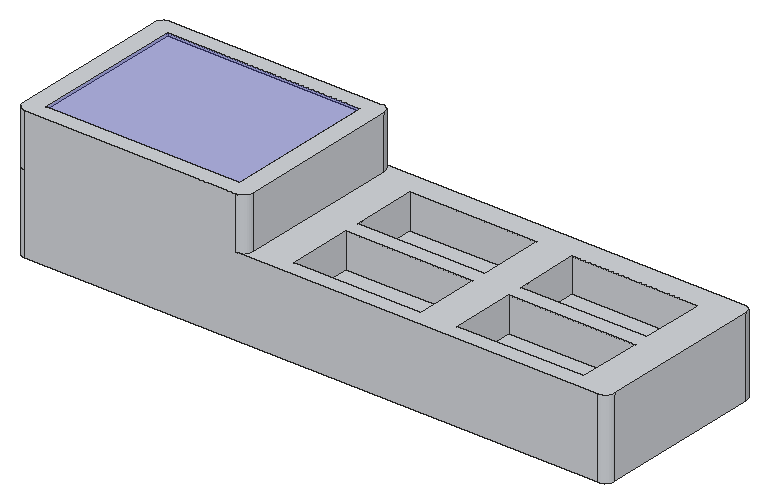
Revit family "Domotics-DomesticRanges-GEWISS-27COMBIDIN_SYSTEM-IP40_8M_16SY", category Apparecchi elettrici, host Superficie, Revit 2016 (continued)
Automatic sketch dimensions
  Filled region 28 sketch curve to Filled region 28 sketch curve = 1.667 mm
  plane 6 to Filled region 29 sketch curve = 2.934 mm
  plane 12 to Filled region 29 sketch curve = 17.636 mm
  Filled region 29 sketch curve to plane 8 = 5 mm
  Filled region 29 sketch curve to Filled region 29 sketch curve = 0.833 mm
  Filled region 29 sketch curve to Filled region 29 sketch curve = 1.667 mm
  Filled region 30 sketch curve to level = 0 mm
  level to Filled region 30 sketch curve = 5 mm
  plane 12 to Filled region 30 sketch curve = 17.636 mm
  Filled region 30 sketch curve to Filled region 30 sketch curve = 0.833 mm
  Filled region 30 sketch curve to Filled region 30 sketch curve = 1.667 mm
  Filled region 31 sketch curve to plane 7 = 8.17 mm
  Filled region 31 sketch curve to plane 11 = 29.618 mm
  Filled region 31 sketch curve to plane 7 = 13.17 mm
  Filled region 31 sketch curve to Filled region 31 sketch curve = 0.833 mm
  Filled region 31 sketch curve to Filled region 31 sketch curve = 1.667 mm
  Filled region 32 sketch curve to plane 9 = 3.504 mm
  Filled region 32 sketch curve to plane 11 = 29.618 mm
  Filled region 32 sketch curve to plane 4 "Piano Allineamento Sportellino" = 0.504 mm
  Filled region 32 sketch curve to Filled region 32 sketch curve = 0.833 mm
  Filled region 32 sketch curve to Filled region 32 sketch curve = 1.667 mm
  Filled region 33 sketch curve to plane 11 = 12.088 mm
  Filled region 33 sketch curve to Filled region 33 sketch curve = 0.833 mm
  Filled region 33 sketch curve to Filled region 33 sketch curve = 1.667 mm
  Filled region 33 sketch curve to plane 7 = 13.17 mm
  Filled region 33 sketch curve to Filled region 33 sketch curve = 5 mm
  Filled region 34 sketch curve to plane 8 = 4.704 mm
  Filled region 34 sketch curve to plane 11 = 12.088 mm
  plane 8 to Filled region 34 sketch curve = 0.296 mm
  Filled region 34 sketch curve to Filled region 34 sketch curve = 0.833 mm
  Filled region 34 sketch curve to Filled region 34 sketch curve = 1.667 mm
  plane 6 to Filled region 35 sketch curve = 1.83 mm
  Filled region 35 sketch curve to plane 11 = 11.908 mm
  Filled region 35 sketch curve to plane 11 = 11.074 mm
  Filled region 35 sketch curve to Filled region 35 sketch curve = 1.667 mm
  Filled region 35 sketch curve to plane 7 = 13.17 mm
  Filled region 36 sketch curve to plane 6 = 5.77 mm
  Filled region 36 sketch curve to plane 11 = 11.908 mm
  level to Filled region 36 sketch curve = 1.296 mm
  Filled region 36 sketch curve to plane 11 = 11.074 mm
  Filled region 36 sketch curve to Filled region 36 sketch curve = 1.667 mm
  Extrusion 2 sketch curve to plane 14 = 6.487 mm  (x2)
  Extrusion 2 sketch curve to plane 18 = 4.058 mm
  plane 10 to Extrusion 2 sketch curve = 7 mm
  Extrusion 3 sketch curve to plane 24 = 0 mm
  Extrusion 3 sketch curve to plane 20 = 0 mm
  Extrusion 3 sketch curve to plane 27 = 0 mm
  Extrusion 3 sketch curve to plane 26 = 0 mm
  Extrusion 6 sketch curve to plane 18 = 0 mm
  Extrusion 7 sketch curve to plane 26 = 0 mm
  Extrusion 7 sketch curve to plane 28 = 0 mm
  plane 20 to Extrusion 7 sketch curve = 0 mm
  Extrusion 7 sketch curve to plane 29 = 0.173 mm
  Extrusion 8 sketch curve to plane 24 = 0 mm
  Extrusion 8 sketch curve to plane 25 = 0 mm
  Extrusion 8 sketch curve to plane 27 = 0 mm
  plane 23 to Extrusion 8 sketch curve = 4.381 mm
  Extrusion 9 sketch curve to plane 28 = 0 mm
  plane 25 to Extrusion 9 sketch curve = 0 mm
  Extrusion 9 sketch curve to plane 29 = 0.173 mm
  plane 23 to Extrusion 9 sketch curve = 4.381 mm
Types (2, lengths in mm): name | URL | Produttore | Modello | Descrizione
  (no name) | 0 | 0 | 0 | 0
  GW27073 - Enclosure 8mod.DIN+(4x4)mod. System | "https://www.gewiss.com/ww/en" | "GEWISS S.p.A." | "GW27073" | "ENCLOSURE 8MOD.DIN+(4X4)MOD.SYSTEM"
